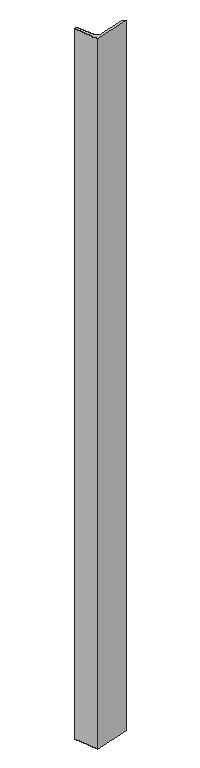
Revit family "92c484e000c54b0486d422e55bbc652e", category Structural Columns, Revit 2021
Family settings
  Section Shape = L-angle
  Material for Model Behavior = Steel
  Always export as geometry = No
  Beam cutback in plan = From bounding box
  Family Name Key = L Unequal Angles-Column
  Code Name = AISC 14.1
  OmniClass Number = 23.25.30.11.14.11
  OmniClass Title = Columns
  Seek Item ID = L-Unequal Angles-Column-0000-USA-ENU
  Cut with Voids When Loaded = No
  Symbolic Representation = From Project Settings
  Shared = No
  Show family pre-cut in plan views = Yes
Parameters (values of type "L6X4X1/2")
  Width = 0' - 4"
  Web Thickness = 0' - 0 1/2"
  Web Fillet = 0' - 0 1/2"
  Warping Constant = 0.84300 in⁶
  Torsional Moment of Inertia = 0.40700 in⁴
  Top Web Fillet = 0' - 0 1/4"
  Structural Material [instance] = Steel ASTM A36
  Section Name Key = ""
  Section Area = 4.750 in²
  Principal Axes Angle = 23.749°
  Plastic Modulus weak axis = 3.690 in³
  Plastic Modulus strong axis = 7.710 in³
  Nominal Weight = 16.20 lbf/ft
  Moment of Inertia weak axis = 6.22000 in⁴
  Moment of Inertia strong axis = 17.30000 in⁴
  Height = 0' - 6"
  Flange Thickness = 0' - 0 1/2"
  Flange Fillet = 0' - 0 1/4"
  Elastic Modulus weak axis = 2.060 in³
  Elastic Modulus strong axis = 4.310 in³
  Centroid Vertical = 0' - 1.98"
  Centroid Horizontal = 0' - 0.981"
  Bolt Spacing Shorter Flange = 0' - 2 1/2"
  Bolt Spacing 2 Longer Flange = 0' - 4 3/4"
  Bolt Spacing 1 Longer Flange = 0' - 2 1/4"
  Assembly Code = "B10"
Types (2): name | Width | Warping Constant | Torsional Moment of Inertia | Section Area | Principal Axes Angle | Plastic Modulus weak axis | Plastic Modulus strong axis | Nominal Weight | Moment of Inertia weak axis | Moment of Inertia strong axis | Height | Elastic Modulus weak axis | Elastic Modulus strong axis | Centroid Vertical | Centroid Horizontal | Bolt Spacing Shorter Flange | Bolt Spacing 2 Longer Flange | Bolt Spacing 1 Longer Flange
  L6X4X1/2 | 0' - 4" | 0.84300 in⁶ | 0.40700 in⁴ | 4.750 in² | 23.749° | 3.690 in³ | 7.710 in³ | 16.20 lbf/ft | 6.22000 in⁴ | 17.30000 in⁴ | 0' - 6" | 2.060 in³ | 4.310 in³ | 0' - 1.98" | 0' - 0.981" | 0' - 2 1/2" | 0' - 4 3/4" | 0' - 2 1/4"
  L8X6X1/2 | 0' - 6" | 2.28000 in⁶ | 0.58400 in⁴ | 6.800 in² | 29.12° | 8.520 in³ | 14.600 in³ | 23.00 lbf/ft | 21.70000 in⁴ | 44.40000 in⁴ | 0' - 8" | 4.790 in³ | 8.010 in³ | 0' - 2.46" | 0' - 1.46" | 0' - 3 1/2" | 0' - 6" | 0' - 3"
Reference planes (in)
  plane 1: y = 0
  plane 2: z = 0
  plane 3: x = 0
  plane 4: x = 0.981
  plane 5: y = 4.02
  plane 6: y = -1.98
  plane 7: x = -3.019
  plane 8: y = -1.48
  plane 9: x = 0.481
Forms (in)
  Extrusion 1, solid, material "Steel ASTM A36" <- "Structural Material", detail levels medium
    sketch origin (0, 0, 0) x (1, 0, 0) y (0, 1, 0)
      loop
        line (0.481, 4.02) -> (0.481, -1.48) -> (-3.019, -1.48) -> (-3.019, -1.98) -> (0.981, -1.98) -> (0.981, 4.02) -> (0.481, 4.02)
    from 0 to 108
  Extrusion 2, solid, material "Steel ASTM A36" <- "Structural Material", detail levels fine
    sketch origin (0, 0, 0) x (1, 0, 0) y (0, 1, 0)
      loop
        line (0.481, 3.77) -> (0.481, -0.98)
        arc (0.481, -0.98) -> (0.33455, -1.33355) -> (-0.019, -1.48) r 0.5
        line (-0.019, -1.48) -> (-2.769, -1.48)
        arc (-2.769, -1.48) -> (-2.94578, -1.55322) -> (-3.019, -1.73) r 0.25
        line (-3.019, -1.73) -> (-3.019, -1.98) -> (0.981, -1.98) -> (0.981, 4.02) -> (0.731, 4.02)
        arc (0.731, 4.02) -> (0.55422, 3.94678) -> (0.481, 3.77) r 0.25
    from 0 to 108
Lines and regions (in)
  symbolic lines, style "Hidden Faces", detail levels medium+fine
    curve 1: line (0.481, 0, 108) -> (0.481, 0, 0)
    curve 2: line (-0.98047, -1.48, 0) -> (-0.98047, -1.48, 108)
  symbolic lines, style "StructuralColumnStickSymbols", detail levels coarse
    curve 3: line (0.981, 4.02, 0) -> (0.981, -1.98, 0)
    curve 4: line (-3.019, -1.98, 0) -> (0.981, -1.98, 0)
Dimensions and locks (in)
  "Width": plane 7 to plane 4
  "Height": plane 6 to plane 5
  "Web Thickness": plane 9 to plane 4
  "Flange Thickness": plane 6 to plane 8
  "Centroid Horizontal": plane 3 to plane 4
  "Centroid Vertical": plane 6 to plane 1
  "Web Fillet": radius of Extrusion 2 sketch curve
  "Top Web Fillet": radius of Extrusion 2 sketch curve
  "Flange Fillet": radius of Extrusion 2 sketch curve
  aligned and locked: level to plane 2
  aligned and locked: level to curve 1
  aligned and locked: plane 9 to curve 1
  aligned and locked: curve 2 to plane 8
  aligned and locked: level to curve 2
  aligned and locked: plane 2 to curve 2
  aligned and locked: plane 2 to curve 1
  aligned and locked: plane 6 to curve 3
  aligned and locked: plane 4 to curve 3
  aligned and locked: plane 6 to curve 4
  aligned and locked: plane 7 to curve 4
  aligned and locked: plane 5 to curve 3
  aligned and locked: Extrusion 1 sketch curve to plane 5
  aligned and locked: Extrusion 1 sketch curve to plane 4
  aligned and locked: plane 6 to Extrusion 1 sketch curve
  aligned and locked: plane 7 to Extrusion 1 sketch curve
  aligned and locked: plane 8 to Extrusion 1 sketch curve
  aligned and locked: plane 9 to Extrusion 1 sketch curve
  aligned and locked: level to Extrusion 1
  aligned and locked: Extrusion 1 to level
  aligned and locked: Extrusion 2 sketch curve to plane 5
  aligned and locked: plane 9 to Extrusion 2 sketch curve
  aligned and locked: plane 8 to Extrusion 2 sketch curve
  aligned and locked: plane 7 to Extrusion 2 sketch curve
  aligned and locked: plane 6 to Extrusion 2 sketch curve
  aligned and locked: Extrusion 2 sketch curve to plane 4
  aligned and locked: Extrusion 2 to level
  aligned and locked: level to Extrusion 2
Automatic sketch dimensions
  plane 5 to Extrusion 1 sketch curve = 0' - 0"
